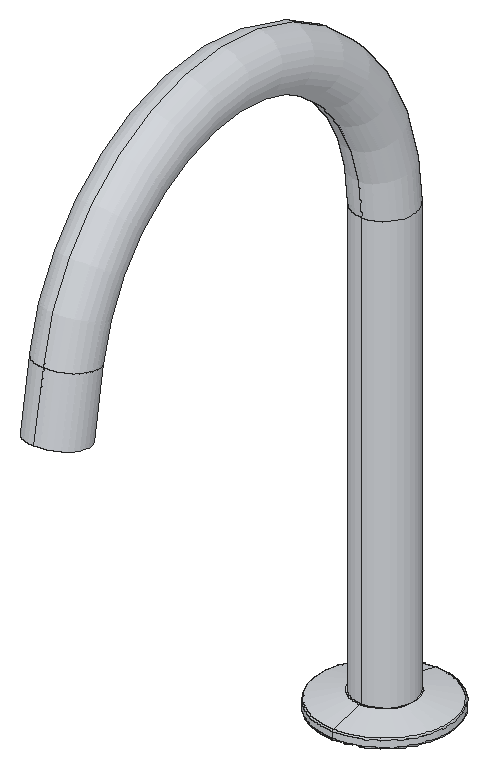
Revit family "Faucet-Bath-KOHLER-Components-K-T77985", category Plumbing Fixtures, host Face, Revit 2015
Parameters (values of type "CP-Polished Chrome")
  Width = 2 3/8"  # constant formula
  Waste Water Outlet = "Waste Water Outlet"  # constant formula
  Waste Connection = 1 = 0  # no
  Vent Connection = 1 = 0  # no
  URL = "https://www.us.kohler.com/us/"
  Type = 1
  Spout Reach = 7 1/2"  # constant formula
  Product Page URL = "http://www.us.kohler.com/us/catalog/productDetails.jsp?productNumber=T77985"
  Product Name = "Components"  # constant formula
  Product Documentation Link = "http://www.us.kohler.com/onlinecatalog/pdf/K-T77985_spec.pdf"
  Pressure = 0.00 psi
  Model = if(Type = 1, "K-T77985-CP", if(Type = 2, "K-T77985-BN", if(Type = 3, "K-T77985-BL", if(Type = 4, "K-T77985-TT", "NA"))))  # "K-T77985-CP"
  Material = "Premium Metal Construction"  # constant formula
  MasterFormat 2004 = "22.41.39"  # constant formula
  MasterFormat 1995 = "15410"  # constant formula
  Manufacturer Address = "444 Highland Dr, Kohler, WI 53044"  # constant formula
  Manufacturer = "KOHLER Co."  # constant formula
  Length = 7 1/2"  # constant formula
  Hot Water Inlet = "Hot Water Inlet"  # constant formula
  Height = 12 1/2"  # constant formula
  HW Connection = 1 = 0  # no
  Flow Rate = 0 GPM
  Finish = Kohler-Metal-CP-Polished_Chrome
  Environmental Product Declaration = ""
  Drain Included = 1 = 0  # no
  Description = "Deck-Mount Bath Faucet Spout"  # constant formula
  Default Elevation = 36"
  Declare Label = ""
  Date Modified = "07/05/2018"  # constant formula
  Date Created = "07/05/2018"  # constant formula
  Copyright = "Copyright KOHLER Co."  # constant formula
  Contact Us = "https://www.us.kohler.com/us/static/contact.jsp"
  Cold Water Inlet = "Cold Water Inlet"  # constant formula
  CW Connection = 1 = 0  # no
  Assembly Code = "D2010"
  ADA Compliant = 1 = 0  # no
Types (4): name | Type | Model | Finish
  (no name) | 1 | "K-T77985-CP" | Kohler-Metal-CP-Polished_Chrome
  CP-Polished Chrome | 1 | "K-T77985-CP" | Kohler-Metal-CP-Polished_Chrome
  BL-Matte Black | 3 | "K-T77985-BL" | Kohler-Metal-BL-Matte_Black
  TT- Vibrant Titanium | 4 | "K-T77985-TT" | Kohler-Metal-TT-Vibrant_Titanium
Reference planes (in)
  plane 1 "Center (Front/Back)": y = 0
  plane 2: z = 0
  plane 3 "Center (Left/Right)": x = 0
  plane 4: x = -1.18749
  plane 5: x = 1.18751
  plane 6: z = 12.5
  plane 7: y = -7.5
Dimensions and locks (in)
  "Width": plane 4 to plane 5
  "Length": plane 1 "Center (Front/Back)" to plane 7
  "Height": plane 2 to plane 6
  aligned and locked: plane 2 to host face
  aligned and locked: level to host face
Automatic sketch dimensions
  host sketch curve to host sketch curve = 96"  (x2)
Nested families (in)
  nested 1: "K-T77985" at (0, 0, 0), type "K-T77985"
Definition of nested family "K-T77985"
  Parameters (values of type "K-T77985")
    Material = none
  Reference planes (in)
    plane 1 "Center (Front/Back)": y = 0
    plane 2: z = 0
    plane 3 "Center (Left/Right)": x = 0
    plane 4: z = 12.5
    plane 5: y = -7.5
    plane 6: y = 1.1875
    plane 7: y = -1.1875
  Forms (in)
    Revolve 1, solid, material <- "Material", detail levels medium+fine
      sketch origin (0, 0, 0) x (0, 1, 0) y (0, 0, 1)
        loop
          line (0, 0) -> (1.16761, 0)
          arc (1.16761, 0) -> (1.18167, 0.00582) -> (1.18749, 0.01988) r 0.01988
          line (1.18749, 0.01988) -> (1.18749, 0.13903)
          arc (1.18749, 0.13903) -> (1.18244, 0.15356) -> (1.16945, 0.16182) r 0.02343
          line (1.16945, 0.16182) -> (0.55766, 0.30642) -> (0, 0.30642) -> (0, 0)
        axis (0, 0.30642) -> (0, 0)
      angle from 0 to 360
    Sweep 2, solid, material <- "Material"
      path origin (0, 0, 0) x (0, 1, 0) y (0, 0, 1)
        loop
          line (0, 0.30642) -> (0, 8.3004)
          arc (0, 8.3004) -> (-3.35757, 11.96454) -> (-7.30039, 8.9391) r 3.67814
          line (-7.30039, 8.9391) -> (-7.51138, 7.74255)
      profile origin (0, 0, 0.30642) x (0, -1, 0) y (1, 0, 0)
        loop
          circle (0, 0) r 0.53156
    Extrusion 3, solid, material <- "Material", detail levels coarse
      sketch origin (0, 0, 0) x (1, 0, 0) y (0, 1, 0)
        loop
          circle (0, 0) r 1.1875
      from 0 to 0.30642
  Lines and regions (in)
    Masking region 1
      outline origin (0, 0, 0) x (0, 1, 0) y (0, 0, 1)
        loop
          line (-1.16761, 0) -> (1.16761, 0)
          arc (1.16761, 0) -> (1.18167, 0.00582) -> (1.18749, 0.01988) r 0.01988
          line (1.18749, 0.01988) -> (1.18749, 0.13903)
          arc (1.18749, 0.13903) -> (1.18244, 0.15356) -> (1.16945, 0.16182) r 0.02343
          line (1.16945, 0.16182) -> (0.53156, 0.31259) -> (0.53156, 8.28803)
          arc (0.53156, 8.28803) -> (-3.31222, 12.48279) -> (-7.82602, 9.01923) r 4.21078
          line (-7.82602, 9.01923) -> (-8.03486, 7.83486) -> (-6.98789, 7.65025) -> (-6.77722, 8.84505)
          arc (-6.77722, 8.84505) -> (-3.40404, 11.43338) -> (-0.53156, 8.29863) r 3.14673
          line (-0.53156, 8.29863) -> (-0.53156, 0.31259) -> (-1.16945, 0.16182)
          arc (-1.16945, 0.16182) -> (-1.18244, 0.15356) -> (-1.18749, 0.13903) r 0.02343
          line (-1.18749, 0.13903) -> (-1.18749, 0.01988)
          arc (-1.18749, 0.01988) -> (-1.18167, 0.00582) -> (-1.16761, 0) r 0.01988
    Masking region 2
      outline origin (0, 0, 0) x (1, 0, 0) y (0, 0, 1)
        loop
          arc (1.16761, 0) -> (1.18167, 0.00582) -> (1.18749, 0.01988) r 0.01988
          line (1.18749, 0.01988) -> (1.18749, 0.13903)
          arc (1.18749, 0.13903) -> (1.18244, 0.15356) -> (1.16945, 0.16182) r 0.02343
          line (1.16945, 0.16182) -> (0.53156, 0.31259) -> (0.53156, 11.96845)
          arc (0.53156, 11.96845) -> (0, 12.50001) -> (-0.53156, 11.96845) r 0.53156
          line (-0.53156, 11.96845) -> (-0.53156, 0.31259) -> (-1.16945, 0.16182)
          arc (-1.16945, 0.16182) -> (-1.18244, 0.15356) -> (-1.18749, 0.13903) r 0.02343
          line (-1.18749, 0.13903) -> (-1.18749, 0.01988)
          arc (-1.18749, 0.01988) -> (-1.18167, 0.00582) -> (-1.16761, 0) r 0.01988
          line (-1.16761, 0) -> (1.16761, 0)
    Masking region 3
      outline origin (0, 0, 0) x (1, 0, 0) y (0, 1, 0)
        loop
          arc (0.53156, -1.06189) -> (0, 1.1875) -> (-0.53156, -1.06189) r 1.1875
          line (-0.53156, -1.06189) -> (-0.53156, -7.50353)
          arc (-0.53156, -7.50353) -> (0, -8.03509) -> (0.53156, -7.50353) r 0.53156
          line (0.53156, -7.50353) -> (0.53156, -1.06189)
    symbolic lines, detail levels medium+fine
      curve 1: line (0, 0.53156, 0.31259) -> (0, -0.53156, 0.31259)
      curve 2: line (-0.53156, 0, 0.31259) -> (0.53156, 0, 0.31259)
      curve 3: arc (-0.53156, -0.1686, 0) -> (0, 0.55766, 0) -> (0.53156, -0.1686, 0) r 0.55766
      curve 4: arc (-0.53156, 0, 0) -> (0, 0.53156, 0) -> (0.53156, 0, 0) r 0.53156
      curve 5: line (-0.53156, -1.06189, 0) -> (-0.53156, 0, 0)
      curve 6: line (0.53156, -1.06189, 0) -> (0.53156, 0, 0)
      curve 7: spline (0.53156, 0, 7.74255) -> (0.51345, 0, 7.76644) -> (0.46034, 0, 7.78871) -> (0.37587, 0, 7.80782) -> (0.26578, 0, 7.82249) -> (0.13758, 0, 7.83171) -> (0, 0, 7.83486) -> (-0.13758, 0, 7.83171) -> (-0.26578, 0, 7.82249) -> (-0.37587, 0, 7.80782) -> (-0.46034, 0, 7.78871) -> (-0.51345, 0, 7.76644) -> (-0.53156, 0, 7.74255) -> (-0.51345, 0, 7.71866) -> (-0.46034, 0, 7.6964) -> (-0.37587, 0, 7.67728) -> (-0.26578, 0, 7.66262) -> (-0.13758, 0, 7.65339) -> (0, 0, 7.65025) -> (0.13758, 0, 7.65339) -> (0.26578, 0, 7.66262) -> (0.37587, 0, 7.67728) -> (0.46034, 0, 7.6964) -> (0.51345, 0, 7.71866) -> (0.53156, 0, 7.74255)
  Dimensions and locks (in)
    plane 4 to level = 12 1/2"
    plane 1 "Center (Front/Back)" to plane 5 = 7 1/2"
    plane 6 to plane 7 = 2 3/8"
    aligned and locked: plane 2 to level
